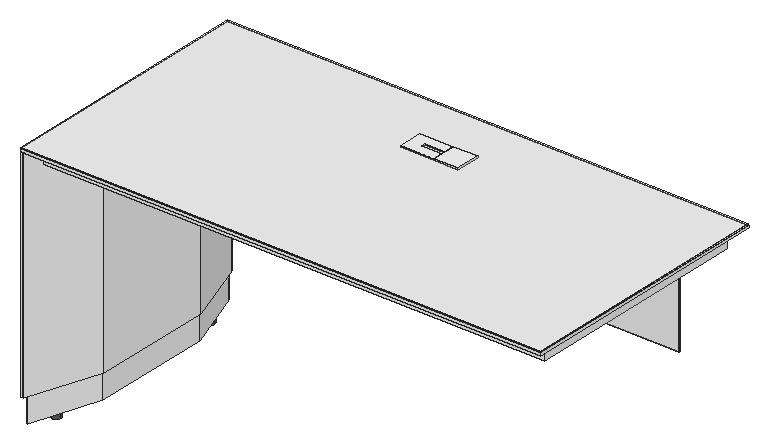
Revit family "Workstations-Teknion-BGMTH-Run-Off_with_Glass_Top-R2015", category Furniture, Revit 2015
Parameters (values of type "Bevel Base")
  Worksurface Finish [instance] = Back-painted Glass - K7 - Teknion - Very White
  With Dual Square Post Legs = not(With Bevel Base)  # no
  Width [instance] = 60.000"
  Warranty = "http://www.teknion.com/ca/papers/legal-canada"
  Unit Weight URL = "http://www.teknion.com/ca/tools/assets#&asset=bee6a381-b954-425e-8283-5a2de3a804f2,f828d448-4b62-4231-9e5f-9a8991c0ed77"
  URL = "www.teknion.com"
  Sustainability Data = "http://www.teknion.com/ca/tools/assets#&topic=216f99a5-57a0-44fc-b10a-9dee9b29ae4c&asset=444deb64-fe58-4b68-981e-f75e97781df7"
  Support Frame Finish [instance] = Mica - Teknion - V - Satin - Very White
  Series = "Expansion Casegoods"  # constant formula
  Product Page URL = "http://www.teknion.com/ca/products/product-details?productlineid=0053336e-8e7a-673b-a6c8-ff00004460c4"
  Product Line = "Expansion Casegoods"  # constant formula
  Product Documentation Link = "http://www.teknion.com/pricing/expansion-casegoods/pdfs/BGMTH_ppg.pdf"
  Part Number = "BGMTH"  # constant formula
  Panel Width [instance] = 54.000"
  Panel Offset from Left Edge of Desk [instance] = 3.000"
  Panel Offset from Front Edge of Desk [instance] = 6.11199"
  Panel Note [instance] = "Available Panel Widths range from 30 to 84 inches in 1 inch increments. Available Panel Heights are 6 and 10 inches."  # constant formula
  Panel Height [instance] = 10.000"
  Modesty Panel Finish [instance] = Back-painted Glass - K7 - Teknion - Very White
  Modesty Hardware Finish [instance] = Mica - Teknion - V - Satin - Very White
  Model = "BGMTHB____10"
  Manufacturer Phone = "416-661-3370"  # constant formula
  Manufacturer Fax = "416.661.4586"  # constant formula
  Manufacturer Contact Information = "http://www.teknion.com/ca/contactus"
  Manufacturer Address = "1150 Flint Road, Toronto, ON. M3J 2J5. Canada"  # constant formula
  Manufacturer = "Teknion"  # constant formula
  Note [instance] = "Available Depths are 24, 30, and 36 inches, when Bevel Base is selected 24 inches can't be specified. Available Widths range from 60 to 90 inches in 6 inch increments."  # constant formula
  Has Offset Grommet [instance] = no
  Has Modesty Panel [instance] = yes
  Has Centered Grommet [instance] = yes
  Grommet Visibility [instance] = or(Has Centered Grommet, Has Offset Grommet)  # yes
  Grommet Position Offset [instance] = if(Has Centered Grommet, Width / 2 - 3.327", Width - 29.826")  # 26.673"
  Grommet Finish [instance] = Mica - Teknion - V - Satin - Very White
  End Gable Finish [instance] = Back-painted Glass - K7 - Teknion - Very White
  Description = "Run-Off with Glass Top – High Secondary Desk, Bevel Base"
  Depth [instance] = 30.000"
  With Bevel Base = yes
  Base Width Offset B [instance] = Base Width Offset - 0.027"  # 13.973"
  Base Width Offset [instance] = if(Depth = 24.000", 12.000", 14.000")  # 14.000"
  Assembly Code = "E2020200"
Types (2): name | With Dual Square Post Legs | Panel Width | Model | Description | With Bevel Base
  Bevel Base | no | 54.000" | "BGMTHB____10" | "Run-Off with Glass Top – High Secondary Desk, Bevel Base" | yes
  Dual Square Post Legs | yes | 72.0004" | "BGMTHS____10" | "Run-Off with Glass Top – High Secondary Desk, Dual Square Post Legs" | no
Reference planes (in)
  plane 1 "Center Front/Back": x = 3
  plane 2: z = 0
  plane 3 "Center Left/Right": y = 1.89875
  plane 4 "Left": y = 16.89875
  plane 5 "Right": y = -13.10125
  plane 6 "Back": x = 33
  plane 7 "Front": x = -27
  plane 8 "Top": z = 29.13386
  plane 9: z = 28.74016
  plane 10: z = 29.29134
  plane 11: z = 0.60236
  plane 12: z = 3.44882
  plane 13: y = 11.38694
  plane 14: y = 15.00899
  plane 15: y = -7.58943
  plane 16: y = -11.21148
  plane 17: x = 27.25197
  plane 18: x = 32.01575
  plane 19: z = 27.02362
  plane 20: x = -26.9
  plane 21: z = 28.98386
  plane 22: y = 13.82789
  plane 23: x = -23.92913
  plane 24: y = -10.03038
  plane 25: z = 0.31496
  plane 26: x = -25.11024
  plane 27: x = -21.48819
  plane 28: z = 23.42126
  plane 29: x = 30
  plane 30: x = -24
  plane 31: y = 10.78676
  plane 32: z = 27.55116
  plane 33: z = 17.55116
Forms (in)
  Extrusion 1, solid, material "Back-painted Glass - K7 - Teknion - Very White" <- "Worksurface Finish"
    sketch origin (-181.89875, 52.89875, 29.13386) x (0, 1, 0) y (-1, 0, 0)
      loop
        line (-36, -214.89875) -> (-36, -154.89875) -> (-66, -154.89875) -> (-66, -214.89875) -> (-36, -214.89875)
    from 0 to -0.15
  Extrusion 2, solid, material "Mica - Teknion - V - Satin - Very White" <- "Grommet Finish", visible <- "Grommet Visibility"
    sketch origin (-177.89875, 9.41491, 29.29134) x (0, 1, 0) y (-1, 0, 0)
      loop
        line (-1.02481, -184.22507) -> (1.81926, -184.22507) -> (1.81926, -181.37784) -> (-1.02481, -181.37784) -> (-1.02481, -184.22507)
    from 0 to -0.15748
  Extrusion 3, solid, material "Mica - Teknion - V - Satin - Very White" <- "Grommet Finish", visible <- "Grommet Visibility"
    sketch origin (-177.89875, 9.41491, 29.29134) x (0, 1, 0) y (-1, 0, 0)
      loop
        line (1.81926, -181.37784) -> (1.81926, -177.57175) -> (-1.02481, -177.57175) -> (-1.02481, -181.37784) -> (0.18455, -181.37784) -> (0.18455, -179.09924) -> (0.6099, -179.09924) -> (0.6099, -181.37784) -> (1.81926, -181.37784)
    from 0 to -0.15748
  Extrusion 4, solid, material "Mica - Teknion - V - Satin - Very White" <- "Support Frame Finish", visible <- "With Bevel Base"
    sketch origin (-182.59954, -9.74414, 0.60236) x (-1, 0, 0) y (0, 1, 0)
      loop
        line (-158.71371, 4.6564) -> (-156.10594, -2.85579)
        arc (-156.10594, -2.85579) -> (-156.03965, -2.88877) -> (-155.99324, -2.83108) r 0.05906
        line (-155.99324, -2.83108) -> (-155.99324, 26.11688)
        arc (-155.99324, 26.11688) -> (-156.04272, 26.17515) -> (-156.10824, 26.13578) r 0.05906
        line (-156.10824, 26.13578) -> (-158.71371, 18.6294) -> (-158.71371, 4.6564)
    from 0 to -2.84646
  Extrusion 5, solid, material "Mica - Teknion - V - Satin - Very White" <- "Support Frame Finish", visible <- "With Bevel Base"
    sketch origin (-182.59954, -9.74414, 3.44882) x (-1, 0, 0) y (0, 1, 0)
      loop
        line (-156.02935, 26.60321) -> (-158.79246, 18.6429) -> (-158.79246, 4.6429) -> (-156.02714, -3.32288)
        arc (-156.02714, -3.32288) -> (-156.00534, -3.34782) -> (-155.97356, -3.3571) r 0.05906
        line (-155.97356, -3.3571) -> (-155.9145, -3.3571) -> (-155.9145, 26.6429) -> (-155.97356, 26.6429)
        arc (-155.97356, 26.6429) -> (-156.00779, 26.63196) -> (-156.02935, 26.60321) r 0.05906
    from 0 to -25.29134
  Extrusion 6, solid, material "Back-painted Glass - K7 - Teknion - Very White" <- "End Gable Finish", visible <- "With Bevel Base"
    sketch origin (-181.89875, -9.74414, 3.44882) x (-1, 0, 0) y (0, 1, 0)
      loop
        line (-154.89875, 26.6429) -> (-154.99875, 26.6429) -> (-154.99875, -3.3571) -> (-154.89875, -3.3571) -> (-154.89875, 26.6429)
    from 0 to -25.29134
  Extrusion 7, solid, material "Plastic - Teknion - 52 - Ebony", visible <- "With Bevel Base"
    sketch origin (-182.60454, -9.74414, 0.60236) x (-1, 0, 0) y (0, 1, 0)
      loop
        circle (-156.65964, 22.72735) r 0.5
    from 0 to 0.60236
  Extrusion 8, solid, material "Plastic - Teknion - 52 - Ebony", visible <- "With Bevel Base"
    sketch origin (-182.60188, 13.54165, 0.60236) x (1, 0, 0) y (0, -1, 0)
      loop
        circle (156.65964, 22.72735) r 0.5
    from 0 to 0.60236
  Extrusion 9, solid, material "Mica - Teknion - V - Satin - Very White" <- "Support Frame Finish", visible <- "With Bevel Base"
    sketch origin (11.88189, -180, 28.74016) x (0, -1, 0) y (-1, 0, 0)
      loop
        line (-191.38694, -15.37008) -> (-191.38694, 36.55265) -> (-195.00899, 37.8099) -> (-195.00899, -20.13386) -> (-168.78852, -20.13386) -> (-168.78852, 37.81014) -> (-172.41057, 36.55275) -> (-172.41057, -15.37008) -> (-191.38694, -15.37008)
    from 0 to 1.71654
  Extrusion 10, solid, material "Paint-Teknion-White", visible <- "With Bevel Base"
    sketch origin (-181.68778, -9.74414, 3.44882) x (-1, 0, 0) y (0, 1, 0)
      loop
        line (-154.78778, 26.6429) -> (-154.99875, 26.6429) -> (-154.99875, -3.3571) -> (-154.78778, -3.3571) -> (-154.78778, 26.6429)
    from 0 to -25.29134
  Extrusion 11, solid, material "Paint-Teknion-White"
    sketch origin (-181.89875, 52.89875, 28.98386) x (0, 1, 0) y (-1, 0, 0)
      loop
        line (-36, -214.89875) -> (-36, -154.89875) -> (-66, -154.89875) -> (-66, -214.89875) -> (-36, -214.89875)
    from 0 to -0.2437
  Extrusion 12, solid, material "Mica - Teknion - V - Satin - Very White" <- "Support Frame Finish", visible <- "With Dual Square Post Legs"
    sketch origin (0, 0, 0) x (1, 0, 0) y (0, 1, 0)
      loop
        line (-23.92913, 16.89875) -> (-27, 16.89875) -> (-27, 13.82789) -> (-23.92913, 13.82789) -> (-23.92913, 16.89875)
    from 0.31496 to 28.74016
  Extrusion 13, solid, material "Mica - Teknion - V - Satin - Very White" <- "Support Frame Finish", visible <- "With Dual Square Post Legs"
    sketch origin (0, 3.79751, 0) x (1, 0, 0) y (0, 1, 0)
      loop
        line (-23.92913, -16.89875) -> (-23.92913, -13.82789) -> (-27, -13.82789) -> (-27, -16.89875) -> (-23.92913, -16.89875)
    from 0.31496 to 28.74016
  Extrusion 14, solid, material "Metal - Teknion - C6 - Chrome", visible <- "With Dual Square Post Legs"
    sketch origin (0, 0, 0) x (1, 0, 0) y (0, 1, 0)
      loop
        circle (-25.46249, -11.56073) r 1.5
    from 0 to 0.31496
  Extrusion 15, solid, material "Metal - Teknion - C6 - Chrome", visible <- "With Dual Square Post Legs"
    sketch origin (0, 3.79751, 0) x (1, 0, 0) y (0, 1, 0)
      loop
        circle (-25.46249, 11.56073) r 1.5
    from 0 to 0.31496
  Extrusion 16, solid, material "Mica - Teknion - V - Satin - Very White" <- "Support Frame Finish", visible <- "With Dual Square Post Legs"
    sketch origin (0, 0, 0) x (1, 0, 0) y (0, 1, 0)
      loop
        line (-25.11024, 15.00899) -> (-25.11024, -11.21148) -> (32.01575, -11.21148) -> (32.01575, 15.00899) -> (-25.11024, 15.00899)
      loop
        line (-21.48819, -7.58943) -> (27.25197, -7.58943) -> (27.25197, 11.38694) -> (-21.48819, 11.38694) -> (-21.48819, -7.58943)
    from 27.02362 to 28.74016
  Extrusion 17, solid, material "Mica - Teknion - V - Satin - Very White" <- "Support Frame Finish", visible <- "With Dual Square Post Legs"
    sketch origin (0, 0, 0) x (1, 0, 0) y (0, 1, 0)
      loop
        line (-21.64567, 14.71371) -> (-21.64567, 14.83183) -> (-23.92913, 14.83183) -> (-23.92913, 13.82789) -> (-24.93307, 13.82789) -> (-24.93307, 11.54442) -> (-24.81496, 11.54442) -> (-24.81496, 13.70978) -> (-23.81102, 13.70978) -> (-23.81102, 14.71371) -> (-21.64567, 14.71371)
    from 23.42126 to 27.02362
  Extrusion 18, void
    sketch origin (-23.92913, 14.83183, 0) x (-1, 0, 0) y (0, 0, -1)
      loop
        line (-0.44797, -23.42126) -> (-2.28346, -23.42126) -> (-2.28346, -27.02362) -> (-0.44797, -23.42126)
    from 0 to 0.11811
  Extrusion 19, void
    sketch origin (-24.93307, 11.54442, 0) x (0, -1, 0) y (0, 0, -1)
      loop
        line (-1.8355, -23.42126) -> (0, -27.02362) -> (0, -23.42126) -> (-1.8355, -23.42126)
    from 0 to 0.11811
  Extrusion 20, solid, material "Mica - Teknion - V - Satin - Very White" <- "Support Frame Finish", visible <- "With Dual Square Post Legs"
    sketch origin (0, 3.79751, 0) x (1, 0, 0) y (0, 1, 0)
      loop
        line (-21.64567, -14.71371) -> (-23.81102, -14.71371) -> (-23.81102, -13.70978) -> (-24.81496, -13.70978) -> (-24.81496, -11.54442) -> (-24.93307, -11.54442) -> (-24.93307, -13.82789) -> (-23.92913, -13.82789) -> (-23.92913, -14.83183) -> (-21.64567, -14.83183) -> (-21.64567, -14.71371)
    from 23.42126 to 27.02362
  Extrusion 21, void
    sketch origin (-23.92913, -11.03432, 0) x (-1, 0, 0) y (0, 0, 1)
      loop
        line (-0.44797, 23.42126) -> (-2.28346, 27.02362) -> (-2.28346, 23.42126) -> (-0.44797, 23.42126)
    from 0 to 0.11811
  Extrusion 22, void
    sketch origin (-24.93307, -7.74691, 0) x (0, 1, 0) y (0, 0, 1)
      loop
        line (-1.8355, 23.42126) -> (0, 23.42126) -> (0, 27.02362) -> (-1.8355, 23.42126)
    from 0 to 0.11811
  Extrusion 23, solid, material "Mica - Teknion - V - Satin - Very White" <- "Modesty Hardware Finish", visible <- "Has Modesty Panel"
    sketch origin (3, 2.13716, 29.13386) x (-1, 0, 0) y (0, -1, 0)
      loop
        line (27, -8.1427) -> (-27, -8.1427) -> (-27, -9.15839) -> (27, -9.15839) -> (27, -8.1427)
    from -1.5827 to -0.3937
  Extrusion 24, solid, material "Back-painted Glass - K7 - Teknion - Very White" <- "Modesty Panel Finish", visible <- "Has Modesty Panel"
    sketch origin (3, 2.13716, 29.13386) x (-1, 0, 0) y (0, -1, 0)
      loop
        line (27, -8.7616) -> (27, -8.69961) -> (-27, -8.69961) -> (-27, -8.7616) -> (27, -8.7616)
      loop
        line (-27, -8.53949) -> (-27, -8.59961) -> (27, -8.59961) -> (27, -8.53949) -> (-27, -8.53949)
    from -1.5827 to -11.5827
  Extrusion 25, solid, material "Paint-Teknion-White", visible <- "Has Modesty Panel"
    sketch origin (3, 2.13716, 29.13386) x (-1, 0, 0) y (0, -1, 0)
      loop
        line (27, -8.69961) -> (27, -8.59961) -> (-27, -8.59961) -> (-27, -8.69961) -> (27, -8.69961)
    from -1.5827 to -11.5827
Cuts and joins
  Extrusion 18, Extrusion 19, Extrusion 21, Extrusion 22 cuts Extrusion 17
  Extrusion 21, Extrusion 22 cuts Extrusion 20
Lines and regions (in)
  Masking region 1
    outline origin (-181.89875, -9.74414, 0.60236) x (-1, 0, 0) y (0, -1, 0)
      loop
        line (-214.89875, -26.6429) -> (-154.89875, -26.6429) -> (-154.89875, 3.3571) -> (-214.89875, 3.3571) -> (-214.89875, -26.6429)
  symbolic lines, style "FurnitureHiddenLines", visible <- "With Bevel Base", detail levels fine
    curve 1: arc (-25.44224, -9.1857, 0.60236) -> (-25.94224, -8.6857, 0.60236) -> (-26.44224, -9.1857, 0.60236) r 0.5
    curve 2: arc (-26.44224, -9.1857, 0.60236) -> (-25.94224, -9.6857, 0.60236) -> (-25.44224, -9.1857, 0.60236) r 0.5
    curve 3: arc (-26.4449, 12.98321, 0.60236) -> (-25.9449, 12.48321, 0.60236) -> (-25.4449, 12.98321, 0.60236) r 0.5
    curve 4: arc (-25.4449, 12.98321, 0.60236) -> (-25.9449, 13.48321, 0.60236) -> (-26.4449, 12.98321, 0.60236) r 0.5
  symbolic lines, visible <- "Grommet Visibility"
    curve 5: line (6.32632, 11.23417, 0.60236) -> (6.32632, 8.39011, 0.60236)
    curve 6: line (6.32632, 8.39011, 0.60236) -> (3.47909, 8.39011, 0.60236)
    curve 7: line (3.47909, 8.39011, 0.60236) -> (-0.327, 8.39011, 0.60236)
    curve 8: line (-0.327, 8.39011, 0.60236) -> (-0.327, 11.23417, 0.60236)
    curve 9: line (-0.327, 11.23417, 0.60236) -> (3.47909, 11.23417, 0.60236)
    curve 10: line (3.47909, 11.23417, 0.60236) -> (6.32632, 11.23417, 0.60236)
  symbolic lines, visible <- "Grommet Visibility", detail levels medium+fine
    curve 11: line (3.47909, 8.39011, 0.60236) -> (3.47909, 11.23417, 0.60236)
  symbolic lines, visible <- "Grommet Visibility", detail levels fine
    curve 12: line (3.47909, 10.02481, 0.60236) -> (1.20048, 10.02481, 0.60236)
    curve 13: line (1.20048, 10.02481, 0.60236) -> (1.20048, 9.59947, 0.60236)
    curve 14: line (1.20048, 9.59947, 0.60236) -> (3.47909, 9.59947, 0.60236)
  symbolic lines, style "FurnitureHiddenLines", visible <- "With Bevel Base", detail levels medium+fine
    curve 15: line (-23.80709, -5.10125, 0.60236) -> (-26.58428, -13.10125, 0.60236)
    curve 16: line (-26.58428, -13.10125, 0.60236) -> (-26.68504, -13.10125, 0.60236)
    curve 17: line (-26.68504, 16.89875, 0.60236) -> (-26.68504, -13.10125, 0.60236)
    curve 18: line (-26.58397, 16.89875, 0.60236) -> (-26.68504, 16.89875, 0.60236)
    curve 19: line (-26.58397, 16.89875, 0.60236) -> (-23.80709, 8.89875, 0.60236)
    curve 20: line (-23.80709, 8.89875, 0.60236) -> (-23.80709, -5.10125, 0.60236)
    curve 21: line (-25.92801, 15.00899, 28.74016) -> (32.01575, 15.00899, 28.74016)
    curve 22: line (27.25197, 11.38694, 28.74016) -> (-24.67076, 11.38694, 28.74016)
    curve 23: line (-24.67076, 11.38694, 28.74016) -> (-25.92801, 15.00899, 28.74016)
    curve 24: line (27.25197, -7.58943, 28.74016) -> (27.25197, 11.38694, 28.74016)
    curve 25: line (32.01575, 15.00899, 28.74016) -> (32.01575, -11.21148, 28.74016)
    curve 26: line (32.01575, -11.21148, 28.74016) -> (-25.92825, -11.21148, 28.74016)
    curve 27: line (-24.67086, -7.58943, 28.74016) -> (27.25197, -7.58943, 28.74016)
    curve 28: line (-25.92825, -11.21148, 28.74016) -> (-24.67086, -7.58943, 28.74016)
  symbolic lines, style "FurnitureHiddenLines", visible <- "With Dual Square Post Legs", detail levels fine
    curve 29: arc (-23.96249, 15.35823, 0) -> (-25.46249, 16.85823, 0) -> (-26.96249, 15.35823, 0) r 1.5
    curve 30: arc (-26.96249, 15.35823, 0) -> (-25.46249, 13.85823, 0) -> (-23.96249, 15.35823, 0) r 1.5
    curve 31: arc (-26.96249, -11.56073, 0) -> (-25.46249, -13.06073, 0) -> (-23.96249, -11.56073, 0) r 1.5
    curve 32: arc (-23.96249, -11.56073, 0) -> (-25.46249, -10.06073, 0) -> (-26.96249, -11.56073, 0) r 1.5
    curve 37: line (-21.64567, 14.83183, 0) -> (-23.92913, 14.83183, 0)
    curve 38: line (-21.64567, 14.71371, 0) -> (-21.64567, 14.83183, 0)
    curve 39: line (-23.81102, 14.71371, 0) -> (-21.64567, 14.71371, 0)
    curve 40: line (-23.81102, 13.70978, 0) -> (-23.81102, 14.71371, 0)
    curve 41: line (-23.92913, 14.83183, 0) -> (-23.92913, 13.82789, 0)
    curve 42: line (-23.92913, 13.82789, 0) -> (-24.93307, 13.82789, 0)
    curve 43: line (-24.93307, 13.82789, 0) -> (-24.93307, 11.54442, 0)
    curve 44: line (-24.93307, 11.54442, 0) -> (-24.81496, 11.54442, 0)
    curve 45: line (-24.81496, 11.54442, 0) -> (-24.81496, 13.70978, 0)
    curve 46: line (-24.81496, 13.70978, 0) -> (-23.81102, 13.70978, 0)
    curve 47: line (-24.93307, -7.74691, 0) -> (-24.93307, -10.03038, 0)
    curve 48: line (-24.93307, -10.03038, 0) -> (-23.92913, -10.03038, 0)
    curve 49: line (-23.92913, -10.03038, 0) -> (-23.92913, -11.03432, 0)
    curve 50: line (-23.92913, -11.03432, 0) -> (-21.64567, -11.03432, 0)
    curve 51: line (-21.64567, -11.03432, 0) -> (-21.64567, -10.91621, 0)
    curve 52: line (-21.64567, -10.91621, 0) -> (-23.81102, -10.91621, 0)
    curve 53: line (-23.81102, -10.91621, 0) -> (-23.81102, -9.91227, 0)
    curve 54: line (-23.81102, -9.91227, 0) -> (-24.81496, -9.91227, 0)
    curve 55: line (-24.81496, -9.91227, 0) -> (-24.81496, -7.74691, 0)
    curve 56: line (-24.81496, -7.74691, 0) -> (-24.93307, -7.74691, 0)
  symbolic lines, style "FurnitureHiddenLines", visible <- "With Dual Square Post Legs", detail levels medium+fine
    curve 33: line (-23.92913, -10.03038, 0) -> (-27, -10.03038, 0)
    curve 34: line (-23.92913, -13.10125, 0) -> (-23.92913, -10.03038, 0)
    curve 35: line (-27, 13.82789, 0) -> (-23.92913, 13.82789, 0)
    curve 36: line (-23.92913, 13.82789, 0) -> (-23.92913, 16.89875, 0)
    curve 57: line (32.01575, 15.00899, 0) -> (-25.11024, 15.00899, 0)
    curve 58: line (-25.11024, 15.00899, 0) -> (-25.11024, -11.21148, 0)
    curve 59: line (-25.11024, -11.21148, 0) -> (32.01575, -11.21148, 0)
    curve 60: line (32.01575, -11.21148, 0) -> (32.01575, 15.00899, 0)
    curve 61: line (27.25197, 11.38694, 0) -> (27.25197, -7.58943, 0)
    curve 62: line (27.25197, -7.58943, 0) -> (-21.48819, -7.58943, 0)
    curve 63: line (-21.48819, -7.58943, 0) -> (-21.48819, 11.38694, 0)
    curve 64: line (-21.48819, 11.38694, 0) -> (27.25197, 11.38694, 0)
  symbolic lines, style "FurnitureHiddenLines", visible <- "Has Modesty Panel", detail levels medium+fine
    curve 65: line (30, 11.29554, 29.13386) -> (-24, 11.29554, 29.13386)
    curve 66: line (-24, 11.29554, 29.13386) -> (-24, 10.27986, 29.13386)
    curve 67: line (-24, 10.27986, 29.13386) -> (30, 10.27986, 29.13386)
    curve 68: line (30, 10.27986, 29.13386) -> (30, 11.29554, 29.13386)
  symbolic lines, style "FurnitureHiddenLines", visible <- "Has Modesty Panel", detail levels fine
    curve 69: line (30, 10.89875, 29.13386) -> (-24, 10.89875, 29.13386)
    curve 70: line (-24, 10.67665, 29.13386) -> (30, 10.67665, 29.13386)
    curve 71: line (-24, 10.73676, 29.13386) -> (30, 10.73676, 29.13386)
    curve 72: line (30, 10.83676, 29.13386) -> (-24, 10.83676, 29.13386)
  reference lines, not visible
    curve 73: line (33, 16.89875, 0) -> (-27, 16.89875, 0)
    curve 74: line (-27, 16.89875, 0) -> (-27, -13.10125, 0)
    curve 75: line (33, -13.10125, 0) -> (-27, -13.10125, 0)
    curve 76: line (33, 16.89875, 0) -> (33, -13.10125, 0)
Dimensions and locks (in)
  "Depth": plane 4 "Left" to plane 5 "Right"
  "Width": plane 6 "Back" to plane 7 "Front"
  plane 8 "Top" to level = 29.13386"
  equal spacing: plane 7 "Front", plane 1 "Center Front/Back", plane 6 "Back"
  locked: plane 8 "Top" to plane 9 at 0.3937
  locked: plane 10 to plane 8 "Top" at 0.15748
  locked: Extrusion 2 sketch curve to Extrusion 2 sketch curve at 2.84723
  locked: Extrusion 2 sketch curve to Extrusion 2 sketch curve at 2.84406
  Extrusion 3 sketch curve to Extrusion 3 sketch curve to Extrusion 3 sketch curve to Extrusion 3 sketch curve = 1.52748" locked, 2.2786" locked, 0.000" locked
  Extrusion 3 sketch curve to Extrusion 3 sketch curve to Extrusion 3 sketch curve to Extrusion 3 sketch curve = 1.20936" locked, 0.42535" locked, 1.20936" locked
  locked: plane 11 to plane 2 at 0.60236
  locked: plane 12 to plane 11 at 2.84646
  locked: Extrusion 5 sketch curve to plane 5 "Right" at 0.05906
  locked: plane 4 "Left" to Extrusion 5 sketch curve at 0.05906
  plane 7 "Front" to Extrusion 5 sketch curve to Extrusion 5 sketch curve = 0.31496", 2.87795" locked
  locked: plane 7 "Front" to Extrusion 7 sketch curve at 1.0551
  locked: plane 4 "Left" to Extrusion 7 sketch curve at 3.91555
  locked: plane 7 "Front" to Extrusion 8 sketch curve at 1.05776
  locked: Extrusion 8 sketch curve to plane 5 "Right" at 3.91555
  equal spacing: plane 4 "Left", plane 3 "Center Left/Right", plane 5 "Right"
  equal spacing: Extrusion 5 sketch curve, plane 3 "Center Left/Right", Extrusion 5 sketch curve
  "Base Width Offset": Extrusion 5 sketch curve to Extrusion 5 sketch curve
  locked: plane 4 "Left" to Extrusion 2 sketch curve at 5.66458
  locked: plane 4 "Left" to Extrusion 3 sketch curve at 5.66458
  locked: Extrusion 4 sketch curve to plane 4 "Left" at 0.52602
  locked: plane 7 "Front" to Extrusion 5 sketch curve at 0.37402  (x2)
  plane 4 "Left" to plane 14 to plane 13 = 1.88976" locked, 3.62205" locked
  plane 5 "Right" to plane 16 to plane 15 = 1.88976" locked, 3.62205" locked
  plane 17 to plane 18 to plane 6 "Back" = 4.76378" locked, 0.98425" locked
  locked: plane 9 to plane 19 at 1.71654
  equal spacing: Extrusion 4 sketch curve, plane 3 "Center Left/Right", Extrusion 4 sketch curve
  locked: plane 7 "Front" to Extrusion 4 sketch curve at 0.45276  (x2)
  locked: Extrusion 4 sketch curve to plane 5 "Right" at 0.52602
  plane 7 "Front" to Extrusion 4 sketch curve to Extrusion 4 sketch curve = 0.3937" locked, 2.72047" locked
  "Base Width Offset B": Extrusion 4 sketch curve to Extrusion 4 sketch curve
  locked: plane 7 "Front" to plane 20 at 0.1
  locked: plane 20 to Extrusion 10 sketch curve at 0.21098
  locked: plane 8 "Top" to plane 21 at 0.15
  locked: plane 4 "Left" to plane 22 at 3.07087
  locked: plane 7 "Front" to plane 23 at 3.07087
  locked: plane 5 "Right" to plane 24 at 3.07087
  locked: plane 25 to plane 2 at 0.31496
  locked: Extrusion 14 sketch curve to plane 5 "Right" at 1.54052
  locked: plane 7 "Front" to Extrusion 14 sketch curve at 1.53751
  locked: Extrusion 15 sketch curve to plane 4 "Left" at 1.54052
  locked: plane 7 "Front" to Extrusion 15 sketch curve at 1.53751
  locked: plane 7 "Front" to plane 26 at 1.88976
  locked: plane 26 to plane 27 at 3.62205
  plane 4 "Left" to Extrusion 17 sketch curve to Extrusion 17 sketch curve to Extrusion 17 sketch curve to Extrusion 17 sketch curve = 2.06693" locked, 0.11811" locked, 1.00394" locked, 2.16535" locked
  plane 7 "Front" to Extrusion 17 sketch curve to Extrusion 17 sketch curve to Extrusion 17 sketch curve to Extrusion 17 sketch curve = 2.06693" locked, 0.11811" locked, 1.00394" locked, 2.16535" locked
  locked: plane 9 to plane 28 at 5.3189
  locked: plane 27 to Extrusion 18 sketch curve at 0.15748
  locked: Extrusion 19 sketch curve to plane 13 at 0.15748
  plane 5 "Right" to Extrusion 20 sketch curve to Extrusion 20 sketch curve to Extrusion 20 sketch curve to Extrusion 20 sketch curve = 2.06693" locked, 0.11811" locked, 1.00394" locked, 2.16535" locked
  plane 7 "Front" to Extrusion 20 sketch curve to Extrusion 20 sketch curve to Extrusion 20 sketch curve to Extrusion 20 sketch curve = 2.06693" locked, 0.11811" locked, 1.00394" locked, 2.16535" locked
  locked: plane 27 to Extrusion 21 sketch curve at 0.15748
  locked: plane 15 to Extrusion 22 sketch curve at 0.15748
  "Grommet Position Offset": plane 7 "Front" to Extrusion 3 sketch curve
  Extrusion 23 sketch curve to Extrusion 23 sketch curve = 54.000"
  "Panel Width": Extrusion 23 sketch curve to Extrusion 23 sketch curve
  locked: Extrusion 23 to Extrusion 23 at 1.01569
  Extrusion 24 sketch curve to Extrusion 24 sketch curve to plane 31 to Extrusion 24 sketch curve to Extrusion 24 sketch curve = 0.06012" locked, 0.050" locked, 0.050" locked, 0.06199" locked
  "Panel Width": plane 30 to plane 29
  "Panel Offset from Front Edge of Desk": plane 4 "Left" to plane 31
  Extrusion 23 sketch curve to plane 31 to Extrusion 23 sketch curve = 0.50878" locked, 0.50691" locked
  Extrusion 25 sketch curve to plane 31 to Extrusion 25 sketch curve = 0.050" locked, 0.050" locked
  locked: plane 9 to plane 32 at 1.189
  "Panel Height": plane 32 to plane 33
  "Panel Offset from Left Edge of Desk": plane 7 "Front" to plane 30
  aligned and locked: level to plane 2
  aligned and locked: Extrusion 1 sketch curve to plane 4 "Left"
  aligned and locked: Extrusion 1 sketch curve to plane 6 "Back"
  aligned and locked: Extrusion 1 sketch curve to plane 5 "Right"
  aligned and locked: Extrusion 1 sketch curve to plane 7 "Front"
  aligned and locked: plane 8 "Top" to Extrusion 1
  aligned and locked: plane 10 to Extrusion 3
  aligned and locked: plane 10 to Extrusion 2
  aligned and locked: Extrusion 3 to plane 8 "Top"
  aligned and locked: Extrusion 2 to plane 8 "Top"
  aligned and locked: Extrusion 4 to plane 11
  aligned and locked: Extrusion 4 to plane 12
  aligned and locked: Extrusion 5 sketch curve to plane 4 "Left"
  aligned and locked: Extrusion 5 sketch curve to plane 5 "Right"
  aligned and locked: Extrusion 5 to plane 12
  aligned and locked: plane 9 to Extrusion 5
  aligned and locked: Extrusion 6 sketch curve to plane 7 "Front"
  aligned and locked: plane 4 "Left" to Extrusion 6 sketch curve
  aligned and locked: Extrusion 6 sketch curve to plane 5 "Right"
  aligned and locked: Extrusion 6 to plane 9  (x2)
  aligned and locked: plane 12 to Extrusion 6
  aligned and locked: Extrusion 7 to plane 11
  aligned and locked: Extrusion 7 to plane 2
  aligned and locked: Extrusion 8 to level
  aligned and locked: Extrusion 8 to plane 11
  aligned and locked: Masking region 1 sketch curve to plane 4 "Left"
  aligned and locked: Masking region 1 sketch curve to plane 5 "Right"
  aligned and locked: Masking region 1 sketch curve to plane 7 "Front"
  aligned and locked: Masking region 1 sketch curve to plane 6 "Back"
  aligned and locked: curve 15 to Extrusion 5
  aligned and locked: curve 16 to plane 5 "Right"
  aligned and locked: plane 4 "Left" to curve 18
  aligned and locked: curve 20 to Extrusion 5
  aligned and locked: curve 4 to Extrusion 7
  aligned and locked: curve 2 to Extrusion 8
  aligned and locked: curve 10 to Extrusion 2
  aligned and locked: curve 9 to Extrusion 3
  aligned and locked: curve 12 to Extrusion 3
  aligned and locked: curve 14 to Extrusion 3
  aligned and locked: curve 7 to Extrusion 3
  aligned and locked: curve 6 to Extrusion 2
  aligned and locked: curve 19 to Extrusion 5
  aligned and locked: plane 13 to Extrusion 9 sketch curve
  aligned and locked: plane 14 to Extrusion 9 sketch curve
  aligned and locked: Extrusion 5 to Extrusion 9 sketch curve  (x2)
  aligned and locked: plane 17 to Extrusion 9 sketch curve
  aligned and locked: plane 18 to Extrusion 9 sketch curve
  aligned and locked: Extrusion 9 sketch curve to plane 15
  aligned and locked: Extrusion 9 sketch curve to plane 16
  aligned and locked: Extrusion 9 to plane 9
  aligned and locked: Extrusion 9 to plane 19
  aligned and locked: curve 21 to Extrusion 9
  aligned and locked: curve 22 to Extrusion 9
  aligned and locked: curve 23 to Extrusion 9
  aligned and locked: curve 24 to Extrusion 9
  aligned and locked: curve 25 to Extrusion 9
  aligned and locked: curve 26 to Extrusion 9
  aligned and locked: curve 27 to Extrusion 9
  aligned and locked: curve 28 to Extrusion 9
  aligned and locked: Extrusion 6 sketch curve to plane 20
  aligned and locked: Extrusion 10 sketch curve to plane 20
  aligned and locked: plane 5 "Right" to Extrusion 10 sketch curve
  aligned and locked: Extrusion 10 sketch curve to plane 4 "Left"
  aligned and locked: plane 12 to Extrusion 10
  aligned and locked: plane 9 to Extrusion 10
  aligned and locked: Extrusion 6 to plane 12
  aligned and locked: plane 21 to Extrusion 1
  aligned and locked: Extrusion 11 to plane 21
  aligned and locked: Extrusion 11 to plane 9
  aligned and locked: plane 7 "Front" to Extrusion 11
  aligned and locked: plane 6 "Back" to Extrusion 11
  aligned and locked: Extrusion 12 sketch curve to plane 23
  aligned and locked: Extrusion 12 sketch curve to plane 4 "Left"
  aligned and locked: Extrusion 12 sketch curve to plane 22
  aligned and locked: Extrusion 12 sketch curve to plane 7 "Front"
  aligned and locked: Extrusion 13 sketch curve to plane 23
  aligned and locked: plane 24 to Extrusion 13 sketch curve
  aligned and locked: Extrusion 13 sketch curve to plane 7 "Front"
  aligned and locked: plane 5 "Right" to Extrusion 13 sketch curve
  aligned and locked: Extrusion 13 to plane 9
  aligned and locked: plane 25 to Extrusion 13
  aligned and locked: Extrusion 12 to plane 25
  aligned and locked: Extrusion 12 to plane 9
  aligned and locked: Extrusion 14 to plane 2
  aligned and locked: Extrusion 14 to plane 25
  aligned and locked: Extrusion 15 to plane 2
  aligned and locked: Extrusion 15 to plane 25
  aligned and locked: Extrusion 16 sketch curve to plane 14
  aligned and locked: plane 16 to Extrusion 16 sketch curve
  aligned and locked: plane 15 to Extrusion 16 sketch curve
  aligned and locked: Extrusion 16 sketch curve to plane 17
  aligned and locked: Extrusion 16 sketch curve to plane 18
  aligned and locked: Extrusion 16 sketch curve to plane 13
  aligned and locked: plane 27 to Extrusion 16 sketch curve
  aligned and locked: Extrusion 16 sketch curve to plane 26
  aligned and locked: Extrusion 16 to plane 9
  aligned and locked: Extrusion 16 to plane 19
  aligned and locked: plane 23 to Extrusion 17 sketch curve
  aligned and locked: plane 22 to Extrusion 17 sketch curve
  aligned and locked: plane 19 to Extrusion 17
  aligned and locked: Extrusion 17 to plane 28
  aligned and locked: Extrusion 18 sketch curve to plane 28
  aligned and locked: plane 19 to Extrusion 18 sketch curve
  aligned and locked: Extrusion 17 to Extrusion 18
  aligned and locked: Extrusion 18 to Extrusion 17
  aligned and locked: plane 28 to Extrusion 19 sketch curve
  aligned and locked: plane 19 to Extrusion 19 sketch curve
  aligned and locked: Extrusion 19 to cut or joined group of Extrusion 17, Extrusion 18, Extrusion 19, Extrusion 21, Extrusion 22
  aligned and locked: cut or joined group of Extrusion 17, Extrusion 18, Extrusion 19, Extrusion 21, Extrusion 22 to Extrusion 19
  aligned and locked: Extrusion 20 to Extrusion 21
  aligned and locked: Extrusion 21 to Extrusion 20
  aligned and locked: plane 24 to Extrusion 20 sketch curve
  aligned and locked: Extrusion 20 sketch curve to plane 23
  aligned and locked: Extrusion 21 sketch curve to plane 28
  aligned and locked: plane 19 to Extrusion 21 sketch curve
  aligned and locked: plane 28 to Extrusion 22 sketch curve
  aligned and locked: plane 19 to Extrusion 22 sketch curve
  aligned and locked: Extrusion 2 sketch curve to Extrusion 3
  aligned and locked: curve 5 to Extrusion 2
  aligned and locked: curve 11 to Extrusion 2
  aligned and locked: curve 8 to Extrusion 3
  aligned and locked: curve 13 to Extrusion 3
  aligned and locked: curve 29 to Extrusion 15
  aligned and locked: curve 30 to Extrusion 15
  aligned and locked: curve 31 to Extrusion 14
  aligned and locked: curve 32 to Extrusion 14
  aligned and locked: curve 33 to Extrusion 13
  aligned and locked: curve 34 to Extrusion 13
  aligned and locked: curve 35 to Extrusion 12
  aligned and locked: curve 36 to Extrusion 12
  aligned and locked: curve 37 to cut or joined group of Extrusion 17, Extrusion 18, Extrusion 19, Extrusion 21, Extrusion 22
  aligned and locked: curve 38 to cut or joined group of Extrusion 17, Extrusion 18, Extrusion 19, Extrusion 21, Extrusion 22
  aligned and locked: curve 39 to cut or joined group of Extrusion 17, Extrusion 18, Extrusion 19, Extrusion 21, Extrusion 22
  aligned and locked: curve 40 to cut or joined group of Extrusion 17, Extrusion 18, Extrusion 19, Extrusion 21, Extrusion 22
  aligned and locked: curve 41 to cut or joined group of Extrusion 17, Extrusion 18, Extrusion 19, Extrusion 21, Extrusion 22
  aligned and locked: curve 42 to cut or joined group of Extrusion 17, Extrusion 18, Extrusion 19, Extrusion 21, Extrusion 22
  aligned and locked: curve 43 to cut or joined group of Extrusion 17, Extrusion 18, Extrusion 19, Extrusion 21, Extrusion 22
  aligned and locked: curve 44 to cut or joined group of Extrusion 17, Extrusion 18, Extrusion 19, Extrusion 21, Extrusion 22
  aligned and locked: curve 45 to cut or joined group of Extrusion 17, Extrusion 18, Extrusion 19, Extrusion 21, Extrusion 22
  aligned and locked: curve 46 to cut or joined group of Extrusion 17, Extrusion 18, Extrusion 19, Extrusion 21, Extrusion 22
  aligned and locked: curve 47 to cut or joined group of Extrusion 20, Extrusion 21, Extrusion 22
  aligned and locked: curve 48 to cut or joined group of Extrusion 20, Extrusion 21, Extrusion 22
  aligned and locked: curve 49 to cut or joined group of Extrusion 20, Extrusion 21, Extrusion 22
  aligned and locked: curve 50 to cut or joined group of Extrusion 20, Extrusion 21, Extrusion 22
  aligned and locked: curve 51 to cut or joined group of Extrusion 20, Extrusion 21, Extrusion 22
  aligned and locked: curve 52 to cut or joined group of Extrusion 20, Extrusion 21, Extrusion 22
  aligned and locked: curve 53 to cut or joined group of Extrusion 20, Extrusion 21, Extrusion 22
  aligned and locked: curve 55 to cut or joined group of Extrusion 20, Extrusion 21, Extrusion 22
  aligned and locked: curve 56 to cut or joined group of Extrusion 20, Extrusion 21, Extrusion 22
  aligned and locked: Extrusion 11 sketch curve to plane 5 "Right"
  aligned and locked: Extrusion 11 sketch curve to plane 4 "Left"
  aligned and locked: Extrusion 11 sketch curve to plane 6 "Back"
  aligned and locked: Extrusion 11 sketch curve to plane 7 "Front"
  aligned and locked: plane 18 to curve 60
  aligned and locked: Extrusion 24 sketch curve to Extrusion 23
  aligned and locked: Extrusion 23 to Extrusion 24 sketch curve
  aligned and locked: Extrusion 23 to Extrusion 24
  aligned and locked: Extrusion 23 to Extrusion 25
  aligned and locked: curve 65 to Extrusion 23
  aligned and locked: curve 66 to Extrusion 23
  aligned and locked: curve 67 to Extrusion 23
  aligned and locked: curve 68 to Extrusion 23
  aligned and locked: curve 69 to Extrusion 24
  aligned and locked: curve 70 to Extrusion 24
  aligned and locked: curve 71 to Extrusion 25
  aligned and locked: curve 72 to Extrusion 25
  aligned and locked: Extrusion 24 sketch curve to plane 30
  aligned and locked: plane 29 to Extrusion 24 sketch curve
  aligned and locked: Extrusion 23 sketch curve to plane 29
  aligned and locked: Extrusion 25 sketch curve to plane 30
  aligned and locked: plane 29 to Extrusion 25 sketch curve
  aligned and locked: Extrusion 23 to plane 32
  aligned and locked: plane 32 to Extrusion 24
  aligned and locked: plane 33 to Extrusion 24
  aligned and locked: plane 33 to Extrusion 25
  aligned and locked: curve 73 to plane 4 "Left"
  aligned and locked: curve 74 to plane 7 "Front"
  aligned and locked: curve 75 to plane 5 "Right"
  aligned and locked: curve 76 to plane 6 "Back"
Automatic sketch dimensions
  Extrusion 20 to Extrusion 21 sketch curve = 0.44797"
  Extrusion 22 sketch curve to Extrusion 20 = 0.44797"
  curve 33 to plane 7 "Front" = 0.000"
  curve 35 to plane 7 "Front" = 0.000"
  plane 16 to curve 58 = 0.000"
  curve 58 to plane 26 = 0.000"
  plane 13 to curve 63 = 0.000"
  curve 63 to plane 27 = 0.000"
  curve 61 to plane 15 = 0.000"
  curve 61 to plane 17 = 0.000"
  curve 34 to plane 5 "Right" = 0.000"
  curve 58 to plane 14 = 0.000"
  plane 4 "Left" to curve 36 = 0.000"
  curve 55 to plane 24 = 0.11811"
  curve 17 to curve 15 = 0.10075"
  Extrusion 17 to Extrusion 18 sketch curve = 0.44797"
  Extrusion 19 sketch curve to Extrusion 17 = 0.44797"
  Extrusion 4 sketch curve to Extrusion 4 sketch curve = 0.05595"
  Extrusion 4 sketch curve to Extrusion 4 sketch curve = 0.05364"
  plane 4 "Left" to Extrusion 5 sketch curve = 0.03969"
  plane 5 "Right" to Extrusion 5 sketch curve = 0.03422"
  radius of Extrusion 7 sketch curve = 0.500"
  radius of Extrusion 8 sketch curve = 0.500"
  radius of Extrusion 14 sketch curve = 1.500"
  radius of Extrusion 15 sketch curve = 1.500"
